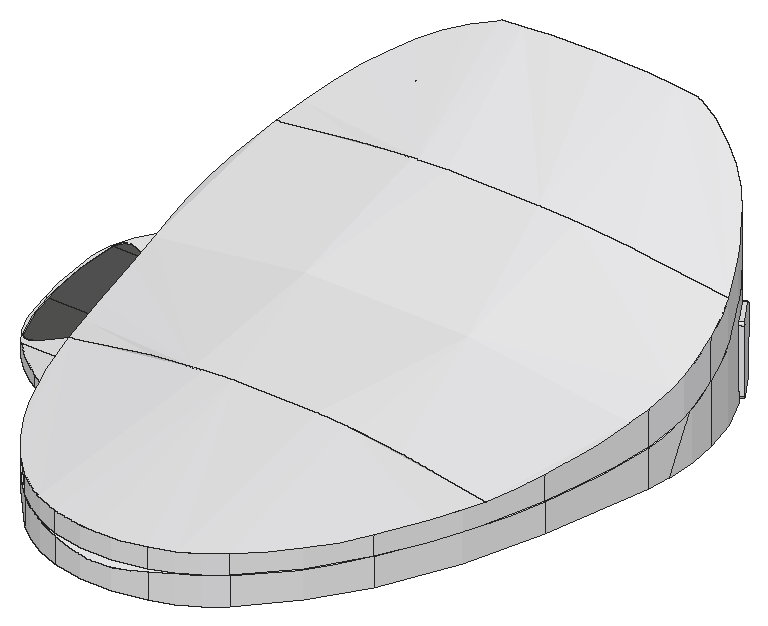
Revit family "Toilet_Seat-Elongated_Closed_Front-KOHLER-C3-130-K-4107T_1", category Plumbing Fixtures, host Face, Revit 2017
Family settings
  Host = Face
  Round Connector Dimension = Use Diameter
  Part Type = Normal
  OmniClass Number = 23.31.19.19.17
  OmniClass Title = Water Closet Seats
  Cut with Voids When Loaded = No
  Shared = No
  Room Calculation Point = No
Parameters (values of type "0-White")
  Width = 17 1/8"  # constant formula
  WaterSense Certified = 1 = 0  # no
  Waste Water Outlet = "Waste Water Outlet"  # constant formula
  Waste Connection = 1 = 0  # no
  Voltage = 240 V  # constant formula
  Vent Connection = 1 = 0  # no
  URL = "http://www.kohler.com.cn/"
  Type = 1
  Product Page URL = "https://www.kohler.com.cn/product/K-4107T-0/K-4107T-0/"
  Product Name = "C3-130"  # constant formula
  Product Documentation Link = "https://files.kohler.com.cn/pdfs/k_4107t.pdf"
  Pressure = 107.328 psi  # constant formula
  Model = "K-4107T-0"  # constant formula
  Material = "Plastic"  # constant formula
  Master Format 2014 Name = "Residential Water Closets"  # constant formula
  Master Format 2014 = "22 41 13.13"  # constant formula
  Manufacturer Address = "Kohler Beijing Office (100016) 36-2-03-B, No. 88, Liuxiang Road, Beijing"  # constant formula
  Manufacturer = "KOHLER Co."  # constant formula
  Length = 20 131/256"  # constant formula
  Hot Water Inlet = "Hot Water Inlet"  # constant formula
  Height = 6 11/32"  # constant formula
  HW Connection = 1 = 0  # no
  Flush Rate- LPF = "LPF"  # constant formula
  Flush Rate- GPF = "GPF"  # constant formula
  Flow Rate = 0 GPM
  Finish = Kohler-Plastic-0-White
  Environmental Product Declaration = ""
  Electrical Note = "One Dedicated Circuit Required "  # constant formula
  Electrical Connector = 1 = 1  # yes
  Description = "Qingshubao Smart Toilet Cover"  # constant formula
  Default Elevation = 0"
  Declare Label = ""
  Date Modified = "05/10/2021"  # constant formula
  Date Created = "05/10/2021"  # constant formula
  Copyright = "Copyright KOHLER Co."  # constant formula
  Contact Us = "http://www.kohler.com.cn/contact/contact-us/"
  Cold Water Inlet = "Cold Water Inlet"  # constant formula
  CW Connection = 1 = 1  # yes
  Assembly Code = "D2010100"
  Apparent Load = 10 A * Voltage  # 2400 VA
  ADA Compliant = 1 = 0  # no
Reference planes (in)
  plane 1 "Center (Front/Back)": y = 0
  plane 2: z = 0
  plane 3 "Center (Left/Right)": x = 0
  plane 4: x = 7.6875
  plane 5: x = -9.4375
  plane 6: y = -20.51172
  plane 7: z = 6.34375
  plane 8: z = 1.61934
  plane 9: z = 0.16265
  plane 10: through (-9.48483, -11.47038, 48) normal (-0.9525, 0.3046, 0)
  plane 11: through (-9.48483, -9.91959, 48) normal (-0.9252, 0.3795, 0)
  plane 12: z = 1.1855
  plane 13: x = -7.6875
Dimensions and locks (in)
  "Length": plane 6 to plane 1 "Center (Front/Back)"
  "Width": plane 5 to plane 4
  plane 1 "Center (Front/Back)" to plane 6 = 20 131/256"
  "Height": level to plane 7
  plane 9 to plane 7 = 6.1811"
  plane 9 to plane 8 = 1.45669"
  aligned and locked: plane 2 to host face
  aligned and locked: level to host face
  aligned and locked: plane 3 "Center (Left/Right)" to nested 1
  aligned and locked: plane 1 "Center (Front/Back)" to nested 1
Automatic sketch dimensions
  host sketch curve to host sketch curve = 96"  (x2)
Nested families (in)
  nested 1: "K-4107T" at (0, 0, 0), type "K-4107T"
  nested 2: "Light Source" at (-0.03242, -0.01433, 2.375), type "Light Source"
Connectors (in)
  piping at (-7.13166, -4.18342, 1.1855), diameter 0.375, driven by "Flow Rate", driven by "Pressure", driven by "CW Connection", driven by "Cold Water Inlet"
    settings: on nested 1, index 1, connector inside diameter 24", connector length 0", flow factor 0, pipe flow 0 GPM, pressure drop 107.328 psi, fitting loss kfactor 0, connector angle 0.00°, fixture units 0, engagement length 0", angle of deflection 0.00°, flow configuration 0, flow direction 1, fitting loss method 4, system type 20, joint type 0, gender type 0, connector reference index -1, connector utility 1, adjustable connector no, is connector primary yes, connector description "Cold Water Inlet"
  electrical at (-7.3376, -4.75583, 1.1855), driven by "Voltage", driven by "Electrical Connector", driven by "Electrical Note", driven by "Apparent Load"
    settings: on nested 1, index 2, voltage 240 V, apparent load 2400 VA, apparent load phase1 0 VA, apparent load phase2 0 VA, apparent load phase3 0 VA, power factor 1, load classification "Power", number of poles 1, system type 30, power factor state 1, is connector primary yes, connector utility yes, sub classification motor no, connector description "One Dedicated Circuit Required "
Definition of nested family "K-4107T"
  Parameters (values of type "K-4107T")
    Without side panel = no
    Side panel = yes
    Material = none
  Reference planes (in)
    plane 1 "Center (Front/Back)": y = 0
    plane 2: z = 0
    plane 3 "Center (Left/Right)": x = 0
    plane 4: x = 7.6875
    plane 5: x = -7.6875
    plane 6: x = -9.43848
    plane 7: z = 6.34252
    plane 8: z = 0.16142
    plane 9: z = 1.61811
    plane 10: y = -20.51181
    plane 11: through (-7.04593, -3.97446, 48) normal (0.9252, -0.3795, 0)
    plane 12: through (-7.24159, -4.4556, 48) normal (0.9525, -0.3046, 0)
    plane 13: z = 1.1855
  Forms (in)
    Extrusion 1, solid, material <- "Material", detail levels medium+fine
      sketch origin (0, 0, 0) x (1, 0, 0) y (0, 1, 0)
        loop
          arc (3.21811, -0.46301) -> (0, -0.01438) -> (-3.21811, -0.46301) r 11.76638
          arc (-3.21811, -0.46301) -> (-4.76648, -1.17358) -> (-6.02837, -2.31811) r 5.58153
          arc (-6.02837, -2.31811) -> (-6.95535, -3.77962) -> (-7.52246, -5.41477) r 7.49639
          arc (-7.52246, -5.41477) -> (-7.69326, -6.71655) -> (-7.63433, -8.02816) r 7.49639
          arc (-7.63433, -8.02816) -> (-7.37625, -9.73974) -> (-7.05989, -11.44151) r 50.69936
          arc (-7.05989, -11.44151) -> (-6.405, -13.86808) -> (-5.4516, -16.19363) r 20.04551
          arc (-5.4516, -16.19363) -> (-4.49347, -17.77758) -> (-3.26114, -19.15898) r 10.05231
          arc (-3.26114, -19.15898) -> (-2.42572, -19.77763) -> (-1.47313, -20.19384) r 4.61995
          arc (-1.47313, -20.19384) -> (0, -20.41586) -> (1.47313, -20.19384) r 4.99813
          arc (1.47313, -20.19384) -> (2.42572, -19.77763) -> (3.26114, -19.15898) r 4.61995
          arc (3.26114, -19.15898) -> (4.49347, -17.77758) -> (5.4516, -16.19363) r 10.05231
          arc (5.4516, -16.19363) -> (6.405, -13.86808) -> (7.05989, -11.44151) r 20.04551
          arc (7.05989, -11.44151) -> (7.37625, -9.73974) -> (7.63433, -8.02816) r 50.69936
          arc (7.63433, -8.02816) -> (7.69326, -6.71655) -> (7.52246, -5.41477) r 7.49639
          arc (7.52246, -5.41477) -> (6.95535, -3.77962) -> (6.02837, -2.31811) r 7.49639
          arc (6.02837, -2.31811) -> (4.76648, -1.17358) -> (3.21811, -0.46301) r 5.58153
      from 0.16142 to 7.18233
    Sweep 2, void
      path origin (0, 0, 0) x (0, 1, 0) y (0, 0, 1)
        loop
          arc (1.74565, 7.50838) -> (-1.32243, 5.77894) -> (-4.52538, 4.31428) r 41.74443
          arc (-4.52538, 4.31428) -> (-8.81367, 2.92226) -> (-13.25858, 2.16734) r 30.9836
          arc (-13.25858, 2.16734) -> (-17.79364, 1.70791) -> (-22.32331, 1.19816) r 410.64763
      profile origin (0, -13.25858, 2.16734) x (0, 0.095268, -0.995452) y (1, 0, 0)
        loop
          arc (0.9375, -8.5) -> (-0.25712, 0.01451) -> (0.9375, 8.52903) r 30.9405
          line (0.9375, 8.52903) -> (-7.66626, 8.52903) -> (-7.66626, -8.5) -> (0.9375, -8.5)
    Extrusion 3, void, detail levels medium+fine
      sketch origin (0, 0, 0) x (0, 1, 0) y (0, 0, 1)
        loop
          line (-20.49173, 1.05407) -> (-20.49173, 0.71365)
          arc (-20.49173, 0.71365) -> (-20.23088, 0.95214) -> (-19.88816, 1.03852) r 0.72311
          line (-19.88816, 1.03852) -> (-18.71042, 1.03852)
          arc (-18.71042, 1.03852) -> (-17.49482, 1.04049) -> (-16.27923, 1.04639) r 375.63314
          arc (-16.27923, 1.04639) -> (-14.89289, 1.05352) -> (-13.50654, 1.05699) r 523.6616
          arc (-13.50654, 1.05699) -> (-11.49299, 1.08519) -> (-9.48082, 1.16501) r 78.51973
          arc (-9.48082, 1.16501) -> (-8.26866, 1.28139) -> (-7.07109, 1.50204) r 14.08347
          arc (-7.07109, 1.50204) -> (-6.77673, 1.57318) -> (-6.48411, 1.65116) r 12.98825
          line (-6.48411, 1.65116) -> (-7.40766, -0.03784) -> (-7.37213, -0.03784) -> (-6.44214, 1.66294)
          arc (-6.44214, 1.66294) -> (-4.72017, 2.28366) -> (-3.10256, 3.14027) r 12.98825
          arc (-3.10256, 3.14027) -> (-2.23069, 3.70777) -> (-1.38156, 4.30878) r 26.72135
          arc (-1.38156, 4.30878) -> (-1.14448, 4.2177) -> (-0.89238, 4.24859) r 0.52488
          arc (-0.89238, 4.24859) -> (-0.34442, 4.35267) -> (0.20535, 4.25858) r 1.56975
          line (0.20535, 4.25858) -> (0.20535, 7.26834) -> (-0.43265, 7.26834) -> (-0.43265, 6.26402) -> (-0.74001, 6.02388)
          arc (-0.74001, 6.02388) -> (-0.66711, 5.44541) -> (-0.57657, 4.86943) r 19.0916
          arc (-0.57657, 4.86943) -> (-0.57225, 4.69665) -> (-0.61791, 4.52995) r 0.59331
          arc (-0.61791, 4.52995) -> (-0.97209, 4.24156) -> (-1.41296, 4.36096) r 0.5004
          arc (-1.41296, 4.36096) -> (-2.82336, 3.35624) -> (-4.3312, 2.50468) r 16.51938
          arc (-4.3312, 2.50468) -> (-6.65609, 1.62593) -> (-9.10945, 1.22798) r 12.41261
          arc (-9.10945, 1.22798) -> (-11.98075, 1.09756) -> (-14.85468, 1.05407) r 94.98598
          line (-14.85468, 1.05407) -> (-20.49173, 1.05407)
      from -7.77013 to 7.75302
    Extrusion 4, solid, material <- "Material", detail levels medium+fine
      sketch origin (0, 0, 0) x (0, 1, 0) y (0, 0, 1)
        loop
          line (-0.16582, 4.11715) -> (-0.34721, 4.90284)
          arc (-0.34721, 4.90284) -> (-0.48688, 5.20803) -> (-0.73542, 5.43359) r 0.8352
          line (-0.73542, 5.43359) -> (-0.73542, 4.11715) -> (-0.16582, 4.11715)
      from -3.01179 to 3.01179
    Extrusion 5, void
      sketch origin (0, -0.03125, 0) x (1, 0, 0) y (0, 1, 0)
        loop
          line (3.21811, -0.46301) -> (3.21811, 0.03699) -> (-3.09878, 0.03699) -> (-3.09878, -0.42983)
          arc (-3.09878, -0.42983) -> (-1.56294, -0.13194) -> (0, -0.06309) r 10.61202
          arc (0, -0.06309) -> (1.62442, -0.1394) -> (3.21811, -0.46301) r 10.61202
      from 3.90511 to 5.72495
    Extrusion 6, solid, material <- "Material", detail levels medium+fine
      sketch origin (0, 0, 0) x (0, 1, 0) y (0, 0, 1)
        loop
          line (-0.54322, 5.22193) -> (-0.88809, 5.06111) -> (-0.88809, 4.19155) -> (-0.24776, 4.19155) -> (-0.54322, 5.22193)
      from 3.01179 to 3.13401
    Extrusion 7, solid, material <- "Material", detail levels medium+fine
      sketch origin (0, 0, 0) x (0, 1, 0) y (0, 0, -1)
        loop
          line (-0.54322, -5.22193) -> (-0.24776, -4.19155) -> (-0.88809, -4.19155) -> (-0.88809, -5.06111) -> (-0.54322, -5.22193)
      from 3.01179 to 3.13401
    Extrusion 8, solid, material <- "Material"
      sketch origin (0, 0, 0) x (0, 1, 0) y (0, 0, 1)
        loop
          arc (-8.10861, 1.13089) -> (-9.43948, 0.95739) -> (-10.77935, 0.87941) r 18.77516
          arc (-10.77935, 0.87941) -> (-11.8877, 0.86934) -> (-12.99593, 0.88876) r 41.66374
          arc (-12.99593, 0.88876) -> (-13.79881, 0.93633) -> (-14.59771, 1.02931) r 14.18731
          line (-14.59771, 1.02931) -> (-14.59771, 0.7053) -> (-13.86937, 0.58994)
          arc (-13.86937, 0.58994) -> (-12.86766, 0.46162) -> (-11.8601, 0.39294) r 17.01978
          arc (-11.8601, 0.39294) -> (-10.9891, 0.37509) -> (-10.11801, 0.38842) r 24.33662
          arc (-10.11801, 0.38842) -> (-9.35234, 0.41616) -> (-8.58684, 0.44849) r 127.68557
          arc (-8.58684, 0.44849) -> (-7.7288, 0.57474) -> (-6.91345, 0.87035) r 4.30622
          line (-6.91345, 0.87035) -> (-6.4655, 1.67849)
          arc (-6.4655, 1.67849) -> (-7.26561, 1.34035) -> (-8.10861, 1.13089) r 5.56286
      from -9.63232 to -5.35433
    Extrusion 9, void
      sketch origin (0, 0, 0) x (1, 0, 0) y (0, 1, 0)
        loop
          line (-7.54489, -6.48776) -> (-7.54489, -6.15976) -> (-9.79489, -6.15976) -> (-9.79489, -14.78489) -> (-5.58547, -14.78489)
          arc (-5.58547, -14.78489) -> (-6.31548, -14.52388) -> (-6.98761, -14.13751) r 4.35334
          arc (-6.98761, -14.13751) -> (-7.68008, -13.59664) -> (-8.31235, -12.98649) r 8.41359
          arc (-8.31235, -12.98649) -> (-8.68567, -12.4981) -> (-8.95637, -11.94618) r 3.13107
          arc (-8.95637, -11.94618) -> (-9.3804, -10.34919) -> (-9.48483, -8.70017) r 8.43171
          arc (-9.48483, -8.70017) -> (-9.35205, -8.10768) -> (-9.01343, -7.60368) r 1.64545
          arc (-9.01343, -7.60368) -> (-8.31935, -6.99282) -> (-7.54489, -6.48776) r 6.43387
      from 0.25591 to 1.78504
    Extrusion 10, solid, material <- "Material", detail levels medium+fine
      sketch origin (0, 0, 0) x (1, 0, 0) y (0, 1, 0)
        loop
          line (-6.84045, -4.6016) -> (-7.24159, -4.4556) -> (-7.43361, -5.05606) -> (-7.05589, -5.19353) -> (-6.84045, -4.6016)
        loop
          line (-7.21738, -4.39238) -> (-6.8099, -4.54069) -> (-6.63845, -4.12277) -> (-7.04593, -3.97446) -> (-7.21738, -4.39238)
      from 0.97751 to 1.39349
    Extrusion 11, solid, material <- "Material", detail levels medium+fine
      sketch origin (0, 0, 0) x (0, 1, 0) y (0, 0, 1)
        loop
          arc (-1.2979, 4.73942) -> (-3.56552, 3.16493) -> (-6.10642, 2.08558) r 13.47548
          arc (-6.10642, 2.08558) -> (-9.2036, 1.39709) -> (-12.37103, 1.21299) r 19.76718
          arc (-12.37103, 1.21299) -> (-15.43707, 1.26604) -> (-18.50349, 1.28853) r 307.77215
          arc (-18.50349, 1.28853) -> (-19.1969, 1.28938) -> (-19.89031, 1.28867) r 307.77215
          line (-19.89031, 1.28867) -> (-19.89031, 0.91173) -> (-18.56185, 0.91173)
          arc (-18.56185, 0.91173) -> (-14.02488, 0.953) -> (-9.48942, 1.0768) r 249.40123
          arc (-9.48942, 1.0768) -> (-5.13825, 1.95608) -> (-1.2979, 4.1826) r 13.67664
          line (-1.2979, 4.1826) -> (-1.2979, 4.73942)
      from -7.44902 to 7.38839
    Extrusion 12, void
      sketch origin (0, 0, 0) x (1, 0, 0) y (0, 1, 0)
        loop
          arc (5.63988, -2.63286) -> (4.49102, -1.59086) -> (3.08136, -0.94395) r 5.08153
          arc (3.08136, -0.94395) -> (0, -0.51438) -> (-3.08136, -0.94395) r 11.26638
          arc (-3.08136, -0.94395) -> (-4.49102, -1.59086) -> (-5.63988, -2.63286) r 5.08153
          arc (-5.63988, -2.63286) -> (-6.50502, -3.9969) -> (-7.03431, -5.52298) r 6.99639
          arc (-7.03431, -5.52298) -> (-7.19372, -6.73793) -> (-7.13872, -7.96206) r 6.99639
          arc (-7.13872, -7.96206) -> (-6.88318, -9.65676) -> (-6.56995, -11.34175) r 50.19936
          arc (-6.56995, -11.34175) -> (-5.93139, -13.70779) -> (-5.00177, -15.97533) r 19.54551
          arc (-5.00177, -15.97533) -> (-4.93948, -16.10133) -> (-4.87534, -16.22639) r 9.55231
          arc (-4.87534, -16.22639) -> (0, -19.1806) -> (4.87534, -16.22639) r 5.5
          arc (4.87534, -16.22639) -> (4.93948, -16.10133) -> (5.00177, -15.97533) r 9.55231
          arc (5.00177, -15.97533) -> (5.93139, -13.70779) -> (6.56995, -11.34175) r 19.54551
          arc (6.56995, -11.34175) -> (6.88318, -9.65676) -> (7.13872, -7.96206) r 50.19936
          arc (7.13872, -7.96206) -> (7.19372, -6.73793) -> (7.03431, -5.52298) r 6.99639
          arc (7.03431, -5.52298) -> (6.50502, -3.9969) -> (5.63988, -2.63286) r 6.99639
        loop
          line (7.56728, -0.27809) -> (-7.55772, -0.27809) -> (-7.55772, -20.09059) -> (7.56728, -20.09059) -> (7.56728, -0.27809)
      from 0 to 12
    Extrusion 13, solid, material <- "Material", detail levels coarse
      sketch origin (0, 0, 0) x (1, 0, 0) y (0, 1, 0)
        loop
          arc (-3.21811, -0.46301) -> (-4.76648, -1.17358) -> (-6.02837, -2.31811) r 5.58153
          arc (-6.02837, -2.31811) -> (-6.95535, -3.77962) -> (-7.52246, -5.41477) r 7.49639
          arc (-7.52246, -5.41477) -> (-7.69326, -6.71655) -> (-7.63433, -8.02816) r 7.49639
          arc (-7.63433, -8.02816) -> (-7.37625, -9.73974) -> (-7.05989, -11.44151) r 50.69936
          arc (-7.05989, -11.44151) -> (-6.405, -13.86808) -> (-5.4516, -16.19363) r 20.04551
          arc (-5.4516, -16.19363) -> (-4.49347, -17.77758) -> (-3.26114, -19.15898) r 10.05231
          arc (-3.26114, -19.15898) -> (-2.42572, -19.77763) -> (-1.47313, -20.19384) r 4.61995
          arc (-1.47313, -20.19384) -> (0, -20.41586) -> (1.47313, -20.19384) r 4.99813
          arc (1.47313, -20.19384) -> (2.42572, -19.77763) -> (3.26114, -19.15898) r 4.61995
          arc (3.26114, -19.15898) -> (4.49347, -17.77758) -> (5.4516, -16.19363) r 10.05231
          arc (5.4516, -16.19363) -> (6.405, -13.86808) -> (7.05989, -11.44151) r 20.04551
          arc (7.05989, -11.44151) -> (7.37625, -9.73974) -> (7.63433, -8.02816) r 50.69936
          arc (7.63433, -8.02816) -> (7.69326, -6.71655) -> (7.52246, -5.41477) r 7.49639
          arc (7.52246, -5.41477) -> (6.95535, -3.77962) -> (6.02837, -2.31811) r 7.49639
          arc (6.02837, -2.31811) -> (4.76648, -1.17358) -> (3.21811, -0.46301) r 5.58153
          arc (3.21811, -0.46301) -> (0, -0.01438) -> (-3.21811, -0.46301) r 11.76638
      from 0 to 6.34881
    Extrusion 14, void
      sketch origin (0, 0, -0.03125) x (0, 1, 0) y (0, 0, 1)
        loop
          arc (-7.93442, 3.2589) -> (-5.08319, 4.24938) -> (-2.30259, 5.42364) r 46.27143
          arc (-2.30259, 5.42364) -> (-1.03658, 5.87517) -> (0.28966, 6.09375) r 7.50888
          line (0.28966, 6.09375) -> (0.28966, 6.79546) -> (-20.52284, 6.79546) -> (-20.52284, 1.67852)
          arc (-20.52284, 1.67852) -> (-17.1429, 1.94572) -> (-13.76053, 2.18026) r 351.19212
          arc (-13.76053, 2.18026) -> (-10.81544, 2.54655) -> (-7.93442, 3.2589) r 25.02584
      from -7.86471 to 7.80039
    Sweep 15, solid, material <- "Material", detail levels medium+fine
      path origin (0, 0, 0) x (1, 0, 0) y (0, 1, 0)
        loop
          arc (-4.40174, -10.71754) -> (-4.20686, -12.18243) -> (-3.88458, -13.62465) r 16.87687
          arc (-3.88458, -13.62465) -> (-3.27777, -15.35481) -> (-2.42349, -16.97713) r 12.4534
          arc (-2.42349, -16.97713) -> (-2.2042, -17.31782) -> (-1.97574, -17.65243) r 14.94199
          arc (-1.97574, -17.65243) -> (-1.80634, -17.8711) -> (-1.61734, -18.07308) r 2.97324
          arc (-1.61734, -18.07308) -> (-0.00986, -18.68485) -> (1.53649, -17.9318) r 2.16535
          arc (1.53649, -17.9318) -> (2.467, -16.62835) -> (3.15137, -15.18044) r 8.98693
          arc (3.15137, -15.18044) -> (3.42475, -14.42887) -> (3.69296, -13.67545) r 116.12064
          arc (3.69296, -13.67545) -> (4.08172, -12.24575) -> (4.25821, -10.77469) r 10.15055
          arc (4.25821, -10.77469) -> (4.1202, -9.45249) -> (3.59676, -8.23049) r 4.43755
          arc (3.59676, -8.23049) -> (3.23215, -7.76126) -> (2.77732, -7.37883) r 2.82073
          arc (2.77732, -7.37883) -> (2.03696, -6.96777) -> (1.23674, -6.69073) r 4.88546
          arc (1.23674, -6.69073) -> (0.60049, -6.5668) -> (-0.04542, -6.51237) r 5.98849
          arc (-0.04542, -6.51237) -> (-1.24587, -6.6287) -> (-2.37897, -7.04186) r 4.77891
          arc (-2.37897, -7.04186) -> (-3.10904, -7.53439) -> (-3.70459, -8.18316) r 3.76183
          arc (-3.70459, -8.18316) -> (-4.28172, -9.38748) -> (-4.40174, -10.71754) r 3.76183
      profile origin (-4.20686, -12.18243, 0) x (0.984543, 0.175142, 0) y (0, 0, 1)
        loop
          arc (-0.018, 0.00013) -> (-0.00055, 0.00902) -> (-0.00944, 0.02647) r 0.01385
          line (-0.00944, 0.02647) -> (-0.68553, 0.24614)
          arc (-0.68553, 0.24614) -> (-0.70297, 0.23725) -> (-0.69408, 0.2198) r 0.01385
          line (-0.69408, 0.2198) -> (-0.018, 0.00013)
    Extrusion 16, solid, material <- "Material", detail levels medium+fine
      sketch origin (0, 0, 0) x (1, 0, 0) y (0, 1, 0)
        loop
          line (4.99435, -10.82875) -> (6.71229, -10.46359)
          arc (6.71229, -10.46359) -> (6.73523, -10.45094) -> (6.74727, -10.42767) r 0.0451
          line (6.74727, -10.42767) -> (6.86329, -9.80049)
          arc (6.86329, -9.80049) -> (6.83842, -9.72983) -> (6.76485, -9.7157) r 0.07521
          line (6.76485, -9.7157) -> (4.98716, -10.32781)
          arc (4.98716, -10.32781) -> (4.94437, -10.35832) -> (4.92511, -10.40722) r 0.09251
          line (4.92511, -10.40722) -> (4.89586, -10.74161)
          arc (4.89586, -10.74161) -> (4.92314, -10.81) -> (4.99435, -10.82875) r 0.0818
        loop
          arc (-4.99435, -10.82875) -> (-4.92314, -10.81) -> (-4.89586, -10.74161) r 0.0818
          line (-4.89586, -10.74161) -> (-4.92511, -10.40722)
          arc (-4.92511, -10.40722) -> (-4.94437, -10.35832) -> (-4.98716, -10.32781) r 0.09251
          line (-4.98716, -10.32781) -> (-6.76485, -9.7157)
          arc (-6.76485, -9.7157) -> (-6.83842, -9.72983) -> (-6.86329, -9.80049) r 0.07521
          line (-6.86329, -9.80049) -> (-6.74727, -10.42767)
          arc (-6.74727, -10.42767) -> (-6.73523, -10.45094) -> (-6.71229, -10.46359) r 0.0451
          line (-6.71229, -10.46359) -> (-4.99435, -10.82875)
        loop
          arc (3.14531, -16.8949) -> (3.10765, -16.88205) -> (3.07446, -16.90401) r 0.04512
          line (3.07446, -16.90401) -> (2.75454, -17.45053)
          arc (2.75454, -17.45053) -> (2.74118, -17.50511) -> (2.75986, -17.5581) r 0.09842
          line (2.75986, -17.5581) -> (3.33537, -18.35023)
          arc (3.33537, -18.35023) -> (3.40852, -18.38871) -> (3.48357, -18.35411) r 0.09343
          line (3.48357, -18.35411) -> (3.93131, -17.80119)
          arc (3.93131, -17.80119) -> (3.95235, -17.73645) -> (3.92466, -17.67425) r 0.09499
          line (3.92466, -17.67425) -> (3.14531, -16.8949)
        loop
          line (-3.14531, -16.8949) -> (-3.92466, -17.67425)
          arc (-3.92466, -17.67425) -> (-3.95235, -17.73645) -> (-3.93131, -17.80119) r 0.09499
          line (-3.93131, -17.80119) -> (-3.48357, -18.35411)
          arc (-3.48357, -18.35411) -> (-3.40852, -18.38871) -> (-3.33537, -18.35023) r 0.09343
          line (-3.33537, -18.35023) -> (-2.75986, -17.5581)
          arc (-2.75986, -17.5581) -> (-2.74118, -17.50511) -> (-2.75454, -17.45053) r 0.09842
          line (-2.75454, -17.45053) -> (-3.07446, -16.90401)
          arc (-3.07446, -16.90401) -> (-3.10765, -16.88205) -> (-3.14531, -16.8949) r 0.04512
      from 0.0398 to 0.39491
    Extrusion 17, solid, material <- "Material", detail levels medium+fine
      sketch origin (-0.41758, -4.10291, 0) x (-0.559193, 0.829038, 0) y (0, 0, 1)
        loop
          line (-2.40757, 2.55906) -> (-3.44255, 2.55906)
          arc (-3.44255, 2.55906) -> (-3.48997, 2.53941) -> (-3.50961, 2.492) r 0.06706
          line (-3.50961, 2.492) -> (-3.50961, 0.48882)
          arc (-3.50961, 0.48882) -> (-3.49328, 0.4494) -> (-3.45385, 0.43307) r 0.05575
          line (-3.45385, 0.43307) -> (-2.40526, 0.43307)
          arc (-2.40526, 0.43307) -> (-2.35443, 0.45413) -> (-2.33337, 0.50495) r 0.07188
          line (-2.33337, 0.50495) -> (-2.33337, 2.48485)
          arc (-2.33337, 2.48485) -> (-2.35511, 2.53732) -> (-2.40757, 2.55906) r 0.0742
        loop
          line (-3.32258, 2.31617) -> (-3.32258, 2.20398) -> (-2.50293, 2.20398) -> (-2.50293, 2.31617) -> (-3.32258, 2.31617)
        loop
          line (-3.32258, 2.09964) -> (-3.32258, 1.98745) -> (-2.50293, 1.98745) -> (-2.50293, 2.09964) -> (-3.32258, 2.09964)
        loop
          line (-3.32258, 1.8831) -> (-3.32258, 1.77091) -> (-2.50293, 1.77091) -> (-2.50293, 1.8831) -> (-3.32258, 1.8831)
        loop
          line (-3.32258, 1.66656) -> (-3.32258, 1.55437) -> (-2.50293, 1.55437) -> (-2.50293, 1.66656) -> (-3.32258, 1.66656)
        loop
          line (-3.32258, 1.45003) -> (-3.32258, 1.33784) -> (-2.50293, 1.33784) -> (-2.50293, 1.45003) -> (-3.32258, 1.45003)
        loop
          line (-3.32258, 1.23349) -> (-3.32258, 1.1213) -> (-2.50293, 1.1213) -> (-2.50293, 1.23349) -> (-3.32258, 1.23349)
        loop
          line (-3.32258, 1.01696) -> (-3.32258, 0.90477) -> (-2.50293, 0.90477) -> (-2.50293, 1.01696) -> (-3.32258, 1.01696)
        loop
          line (-3.32258, 0.80042) -> (-3.32258, 0.68823) -> (-2.50293, 0.68823) -> (-2.50293, 0.80042) -> (-3.32258, 0.80042)
      from 4.31493 to 6.51205
    Extrusion 18, solid
      sketch origin (0, 0, 0) x (1, 0, 0) y (0, 1, 0)
        loop
          arc (-8.76425, -7.85171) -> (-9.11385, -7.86626) -> (-9.31379, -8.15342) r 0.3937
          arc (-9.31379, -8.15342) -> (-9.28843, -10.44014) -> (-8.55003, -12.60452) r 7.22883
          arc (-8.55003, -12.60452) -> (-8.32329, -12.75485) -> (-8.07377, -12.64644) r 0.28494
          line (-8.07377, -12.64644) -> (-7.33933, -11.7064)
          arc (-7.33933, -11.7064) -> (-7.20446, -11.42401) -> (-7.20124, -11.11108) r 0.72464
          arc (-7.20124, -11.11108) -> (-7.44673, -9.91071) -> (-7.67868, -8.70765) r 108.7247
          arc (-7.67868, -8.70765) -> (-7.8347, -8.36439) -> (-8.13241, -8.13303) r 0.7874
          line (-8.13241, -8.13303) -> (-8.76425, -7.85171)
      from 0.70844 to 1.29329
    Extrusion 19, void
      sketch origin (0, 0, 0) x (0, 1, 0) y (0, 0, 1)
        loop
          arc (-8.10861, 1.13089) -> (-7.26561, 1.34035) -> (-6.4655, 1.67849) r 5.56286
          line (-6.4655, 1.67849) -> (-6.4655, 2.25712) -> (-14.59771, 1.83093) -> (-14.59771, 1.02931)
          arc (-14.59771, 1.02931) -> (-13.79881, 0.93633) -> (-12.99593, 0.88876) r 14.18731
          arc (-12.99593, 0.88876) -> (-11.8877, 0.86934) -> (-10.77935, 0.87941) r 41.66374
          arc (-10.77935, 0.87941) -> (-9.43948, 0.95739) -> (-8.10861, 1.13089) r 18.77516
      from -9.83016 to -6.84045
    Extrusion 20, void
      sketch origin (0, 0, 0) x (1, 0, 0) y (0, 1, 0)
        loop
          arc (-8.76425, -7.85171) -> (-9.11385, -7.86626) -> (-9.31379, -8.15342) r 0.3937
          arc (-9.31379, -8.15342) -> (-9.28843, -10.44014) -> (-8.55003, -12.60452) r 7.22883
          arc (-8.55003, -12.60452) -> (-8.32329, -12.75485) -> (-8.07377, -12.64644) r 0.28494
          line (-8.07377, -12.64644) -> (-7.33933, -11.7064)
          arc (-7.33933, -11.7064) -> (-7.20446, -11.42401) -> (-7.20124, -11.11108) r 0.72464
          arc (-7.20124, -11.11108) -> (-7.44673, -9.91071) -> (-7.67868, -8.70765) r 108.7247
          arc (-7.67868, -8.70765) -> (-7.8347, -8.36439) -> (-8.13241, -8.13303) r 0.7874
          line (-8.13241, -8.13303) -> (-8.76425, -7.85171)
      from 0.70844 to 1.77091
  Cuts and joins
    Sweep 2, Extrusion 3 cuts Extrusion 1
    Extrusion 5 cuts Extrusion 4
    joined: Extrusion 1, Extrusion 4, Extrusion 6, Extrusion 7, Extrusion 17
    Extrusion 9, Extrusion 20 cuts Extrusion 8
    Extrusion 12 cuts Extrusion 11
    Extrusion 14 cuts Extrusion 13
    Extrusion 19 cuts Extrusion 18
  Lines and regions (in)
    Masking region 1
      outline origin (0, 0, 0) x (1, 0, 0) y (0, 1, 0)
        loop
          arc (-6.02837, -2.31811) -> (-6.95535, -3.77962) -> (-7.52246, -5.41477) r 7.49639
          arc (-7.52246, -5.41477) -> (-7.62637, -5.98819) -> (-7.68542, -6.56795) r 7.49639
          arc (-7.68542, -6.56795) -> (-8.36884, -7.06092) -> (-9.01329, -7.60383) r 11.20889
          arc (-9.01329, -7.60383) -> (-9.30378, -7.99646) -> (-9.42212, -8.47031) r 1.25313
          arc (-9.42212, -8.47031) -> (-9.4393, -9.29405) -> (-9.41079, -10.11748) r 14.85527
          arc (-9.41079, -10.11748) -> (-9.2358, -11.04481) -> (-8.95637, -11.94618) r 8.27461
          arc (-8.95637, -11.94618) -> (-8.68567, -12.4981) -> (-8.31235, -12.98649) r 3.13107
          arc (-8.31235, -12.98649) -> (-7.68008, -13.59664) -> (-6.98761, -14.13751) r 8.41359
          line (-6.98761, -14.13751) -> (-6.07943, -14.77343)
          arc (-6.07943, -14.77343) -> (-5.78211, -15.48895) -> (-5.45736, -16.19245) r 20.04551
          arc (-5.45736, -16.19245) -> (-4.39199, -17.91891) -> (-3.00167, -19.39631) r 10.05231
          arc (-3.00167, -19.39631) -> (-0.00576, -20.51488) -> (2.99015, -19.39631) r 4.57132
          arc (2.99015, -19.39631) -> (4.38047, -17.91891) -> (5.44584, -16.19245) r 10.05231
          arc (5.44584, -16.19245) -> (6.39924, -13.8669) -> (7.05414, -11.44033) r 20.04551
          arc (7.05414, -11.44033) -> (7.37049, -9.73856) -> (7.62857, -8.02698) r 50.69936
          arc (7.62857, -8.02698) -> (7.6875, -6.71537) -> (7.5167, -5.41359) r 7.49639
          arc (7.5167, -5.41359) -> (7.22234, -4.41793) -> (6.79324, -3.4725) r 7.49639
          line (6.79324, -3.4725) -> (6.9437, -3.37101) -> (6.28596, -2.39586) -> (6.1545, -2.48453)
          arc (6.1545, -2.48453) -> (6.08915, -2.40026) -> (6.02261, -2.31692) r 7.49639
          arc (6.02261, -2.31692) -> (4.72672, -1.15013) -> (3.13401, -0.44017) r 5.58153
          line (3.13401, -0.44017) -> (3.13401, -0.24776) -> (3.01179, -0.24776) -> (3.01179, -0.40637)
          arc (3.01179, -0.40637) -> (0, -0.01438) -> (-3.01179, -0.40637) r 11.76638
          line (-3.01179, -0.40637) -> (-3.01179, -0.24776) -> (-3.13401, -0.24776) -> (-3.13401, -0.43981)
          arc (-3.13401, -0.43981) -> (-4.72997, -1.14969) -> (-6.02837, -2.31811) r 5.58153
    Masking region 2
      outline origin (0, 0, 0) x (0, 1, 0) y (0, 0, 1)
        loop
          line (0, 0.16142) -> (0, 4.31763)
          arc (0, 4.31763) -> (-0.11033, 4.33446) -> (-0.22034, 4.3533) r 6.09857
          line (-0.22034, 4.3533) -> (-0.34721, 4.90284)
          arc (-0.34721, 4.90284) -> (-0.46041, 5.16964) -> (-0.65798, 5.38169) r 0.8352
          arc (-0.65798, 5.38169) -> (-0.70172, 5.70243) -> (-0.74001, 6.02388) r 19.0916
          line (-0.74001, 6.02388) -> (-0.66102, 6.0856)
          arc (-0.66102, 6.0856) -> (-0.62814, 6.27846) -> (-0.8171, 6.32917) r 0.14528
          arc (-0.8171, 6.32917) -> (-1.61832, 5.92193) -> (-2.42461, 5.52481) r 71.31038
          arc (-2.42461, 5.52481) -> (-7.68413, 3.51324) -> (-13.21042, 2.43203) r 32.76183
          arc (-13.21042, 2.43203) -> (-16.77103, 2.03633) -> (-20.32876, 1.61558) r 509.12036
          arc (-20.32876, 1.61558) -> (-20.40667, 1.57466) -> (-20.43787, 1.49237) r 0.12412
          line (-20.43787, 1.49237) -> (-20.43787, 1.05407) -> (-20.15305, 1.05407)
          arc (-20.15305, 1.05407) -> (-20.34202, 0.97032) -> (-20.4375, 0.78701) r 0.3128
          line (-20.4375, 0.78701) -> (-20.51062, 0.28097)
          arc (-20.51062, 0.28097) -> (-20.48617, 0.19754) -> (-20.4071, 0.16142) r 0.10459
          line (-20.4071, 0.16142) -> (-19.348, 0.16142) -> (-18.82003, 0) -> (-6.49442, 0) -> (-5.99763, 0.16142) -> (0, 0.16142)
    Masking region 3
      outline origin (0, 0, 0) x (1, 0, 0) y (0, 0, 1)
        loop
          line (-7.6875, 2.67163) -> (-7.6875, 1.64611) -> (-8.98654, 1.26244)
          arc (-8.98654, 1.26244) -> (-9.15161, 1.20835) -> (-9.3132, 1.14462) r 2.94578
          arc (-9.3132, 1.14462) -> (-9.38742, 1.09483) -> (-9.43848, 1.02149) r 0.24189
          line (-9.43848, 1.02149) -> (-9.43848, 0.43658)
          arc (-9.43848, 0.43658) -> (-9.38198, 0.40506) -> (-9.31946, 0.38842) r 0.26058
          arc (-9.31946, 0.38842) -> (-9.22031, 0.37831) -> (-9.1207, 0.37494) r 1.47116
          line (-9.1207, 0.37494) -> (-7.6875, 0.37494) -> (-7.6875, 0.16142) -> (-6.86454, 0.16142) -> (-6.86454, 0.0398) -> (-4.89586, 0.0398) -> (-4.89586, 0.16142) -> (-4.43299, 0) -> (4.28082, 0) -> (4.77761, 0.16142) -> (4.89586, 0.16142) -> (4.89586, 0.0398) -> (6.86329, 0.0398) -> (6.86329, 0.16142) -> (7.6875, 0.16142) -> (7.6875, 2.67163)
          arc (7.6875, 2.67163) -> (7.65569, 2.93059) -> (7.56217, 3.17416) r 1.07011
          arc (7.56217, 3.17416) -> (7.20945, 3.73418) -> (6.77879, 4.23674) r 4.52348
          arc (6.77879, 4.23674) -> (6.33291, 4.65359) -> (5.85719, 5.03604) r 8.18213
          arc (5.85719, 5.03604) -> (4.60414, 5.74424) -> (3.21452, 6.11925) r 5.7534
          arc (3.21452, 6.11925) -> (-0.06282, 6.34247) -> (-3.33916, 6.10503) r 23.42475
          arc (-3.33916, 6.10503) -> (-4.72332, 5.71703) -> (-5.96008, 4.98432) r 5.51181
          arc (-5.96008, 4.98432) -> (-6.12494, 4.85086) -> (-6.28575, 4.71253) r 7.10604
          arc (-6.28575, 4.71253) -> (-6.95672, 4.0254) -> (-7.52219, 3.24913) r 6.67791
          arc (-7.52219, 3.24913) -> (-7.64536, 2.97198) -> (-7.6875, 2.67163) r 1.09138
    symbolic lines, detail levels medium+fine
      curve 1: line (-3.13401, -0.43981, 0) -> (-3.01403, -0.40771, 0)
      curve 2: line (3.01179, -0.40637, 0) -> (3.13401, -0.43981, 0)
      curve 3: line (0, -14.85468, 1.05407) -> (0, -20.15305, 1.05407)
      curve 4: arc (0, -9.37982, 1.17067) -> (0, -12.11663, 1.08322) -> (0, -14.85468, 1.05407) r 128.58609
      curve 5: arc (0, -5.94596, 1.83858) -> (0, -7.63787, 1.37603) -> (0, -9.37982, 1.17067) r 11.74198
      curve 6: arc (0, -1.86888, 4.01146) -> (0, -3.82686, 2.77386) -> (0, -5.94596, 1.83858) r 15.66176
      curve 7: arc (0, -1.41296, 4.36096) -> (0, -1.63949, 4.18435) -> (0, -1.86888, 4.01146) r 17.58639
      curve 8: arc (0, -0.61791, 4.52995) -> (0, -0.97209, 4.24156) -> (0, -1.41296, 4.36096) r 0.5004
      curve 9: arc (0, -0.57657, 4.86943) -> (0, -0.57225, 4.69665) -> (0, -0.61791, 4.52995) r 0.59331
      curve 10: arc (0, -0.65798, 5.38169) -> (0, -0.61902, 5.12528) -> (0, -0.57657, 4.86943) r 19.0916
      curve 11: arc (0, -0.89238, 4.24859) -> (0, -0.53771, 4.33895) -> (0, -0.17177, 4.34473) r 1.56975
      curve 12: arc (0, -1.41296, 4.36096) -> (0, -1.1694, 4.22726) -> (0, -0.89238, 4.24859) r 0.48672
      curve 13: line (0, -6.47061, 1.67584) -> (0, -7.2987, 0.16142)
      curve 14: line (0, -7.26318, 0.16142) -> (0, -6.44214, 1.66294)
      curve 15: arc (0, -8.58684, 0.44849) -> (0, -7.72704, 0.57518) -> (0, -6.9102, 0.87192) r 4.30622
      curve 16: arc (0, -10.11801, 0.38842) -> (0, -9.35234, 0.41616) -> (0, -8.58684, 0.44849) r 127.68557
      curve 17: arc (0, -11.8601, 0.39294) -> (0, -10.9891, 0.37509) -> (0, -10.11801, 0.38842) r 24.33662
      curve 18: arc (0, -13.86937, 0.58994) -> (0, -12.86766, 0.46162) -> (0, -11.8601, 0.39294) r 17.01978
      curve 19: line (0, -14.59771, 0.7053) -> (0, -13.86937, 0.58994)
      curve 20: line (0, -14.76165, 1.0541) -> (0, -14.59771, 0.7053)
      curve 21: arc (0, -12.99593, 0.88876) -> (0, -13.88137, 0.94382) -> (0, -14.76165, 1.0541) r 14.18731
      curve 22: arc (0, -10.77935, 0.87941) -> (0, -11.8877, 0.86934) -> (0, -12.99593, 0.88876) r 41.66374
      curve 23: arc (0, -8.10861, 1.13089) -> (0, -9.43948, 0.95739) -> (0, -10.77935, 0.87941) r 18.77516
      curve 24: arc (0, -6.47061, 1.67584) -> (0, -7.26834, 1.33944) -> (0, -8.10861, 1.13089) r 5.56286
      curve 25: spline (-9.1965, 0, 0.87941) -> (-9.17643, 0, 0.87752) -> (-9.15553, 0, 0.87581) -> (-9.13382, 0, 0.8743) -> (-9.11128, 0, 0.87297) -> (-9.08794, 0, 0.87183) -> (-9.06378, 0, 0.87087) -> (-9.0388, 0, 0.87011) -> (-9.01302, 0, 0.86953) -> (-8.98644, 0, 0.86914) -> (-8.95904, 0, 0.86895) -> (-8.93085, 0, 0.86893) -> (-8.90186, 0, 0.86911)
      curve 26: spline (-8.90186, 0, 0.86912) -> (-8.85009, 0, 0.86977) -> (-8.79096, 0, 0.87083) -> (-8.72463, 0, 0.87229) -> (-8.65127, 0, 0.87416) -> (-8.57106, 0, 0.87642) -> (-8.48421, 0, 0.87907) -> (-8.39096, 0, 0.88211) -> (-8.29153, 0, 0.88553) -> (-8.18619, 0, 0.88931) -> (-8.07522, 0, 0.89345) -> (-7.95888, 0, 0.89794) -> (-7.8375, 0, 0.90277)
      curve 27: spline (-7.8375, 0, 0.90277) -> (-7.76319, 0, 0.90622) -> (-7.68841, 0, 0.9099) -> (-7.61319, 0, 0.9138) -> (-7.53751, 0, 0.91793) -> (-7.4614, 0, 0.92229) -> (-7.38484, 0, 0.92688) -> (-7.30785, 0, 0.93169) -> (-7.23042, 0, 0.93673) -> (-7.15257, 0, 0.942) -> (-7.07431, 0, 0.94749) -> (-6.99562, 0, 0.95321) -> (-6.91653, 0, 0.95915)
      curve 28: spline (-6.91653, 0, 0.95915) -> (-6.82917, 0, 0.96569) -> (-6.74182, 0, 0.97249) -> (-6.65449, 0, 0.97956) -> (-6.56717, 0, 0.98691) -> (-6.47987, 0, 0.99452) -> (-6.39259, 0, 1.0024) -> (-6.30532, 0, 1.01054) -> (-6.21806, 0, 1.01896) -> (-6.13083, 0, 1.02764) -> (-6.04361, 0, 1.03659) -> (-5.95642, 0, 1.04581) -> (-5.86924, 0, 1.05529)
      curve 29: spline (-7.41928, 0, 1.16505) -> (-7.44444, 0, 1.17411) -> (-7.46909, 0, 1.1849) -> (-7.49325, 0, 1.19744) -> (-7.5169, 0, 1.21172) -> (-7.54004, 0, 1.22774) -> (-7.56266, 0, 1.24549) -> (-7.58477, 0, 1.26497) -> (-7.60637, 0, 1.28619) -> (-7.62744, 0, 1.30913) -> (-7.64799, 0, 1.3338) -> (-7.66801, 0, 1.36019) -> (-7.6875, 0, 1.3883)
      curve 30: spline (-7.06728, 0, 1.08759) -> (-7.09946, 0, 1.09222) -> (-7.13113, 0, 1.09718) -> (-7.16228, 0, 1.10248) -> (-7.19291, 0, 1.1081) -> (-7.22302, 0, 1.11406) -> (-7.25262, 0, 1.12035) -> (-7.28169, 0, 1.12697) -> (-7.31025, 0, 1.13393) -> (-7.33829, 0, 1.14121) -> (-7.3658, 0, 1.14883) -> (-7.3928, 0, 1.15677) -> (-7.41928, 0, 1.16505)
      curve 31: spline (-6.52873, 0, 1.05701) -> (-6.58214, 0, 1.05741) -> (-6.63402, 0, 1.05821) -> (-6.68435, 0, 1.05939) -> (-6.73314, 0, 1.06097) -> (-6.78037, 0, 1.06293) -> (-6.82605, 0, 1.06528) -> (-6.87018, 0, 1.06803) -> (-6.91274, 0, 1.07116) -> (-6.95373, 0, 1.07469) -> (-6.99315, 0, 1.0786) -> (-7.03101, 0, 1.0829) -> (-7.06728, 0, 1.08759)
      curve 32: spline (-5.47476, 0, 1.04724) -> (-5.57695, 0, 1.04854) -> (-5.67657, 0, 1.04976) -> (-5.77361, 0, 1.05089) -> (-5.86806, 0, 1.05193) -> (-5.9599, 0, 1.05288) -> (-6.04912, 0, 1.05374) -> (-6.1357, 0, 1.05451) -> (-6.21964, 0, 1.05519) -> (-6.30093, 0, 1.05578) -> (-6.37955, 0, 1.05628) -> (-6.45548, 0, 1.05669) -> (-6.52873, 0, 1.05701)
      curve 33: spline (0, 0, 1.05777) -> (-0.58615, 0, 1.05286) -> (-1.1556, 0, 1.04864) -> (-1.70608, 0, 1.04515) -> (-2.23537, 0, 1.04238) -> (-2.74137, 0, 1.04036) -> (-3.22205, 0, 1.03908) -> (-3.67549, 0, 1.03856) -> (-4.09987, 0, 1.0388) -> (-4.49349, 0, 1.03979) -> (-4.85479, 0, 1.04153) -> (-5.18232, 0, 1.04402) -> (-5.47476, 0, 1.04724)
      curve 34: spline (-7.06114, 0, 1.66407) -> (-7.11824, 0, 1.69526) -> (-7.17367, 0, 1.72944) -> (-7.22741, 0, 1.76662) -> (-7.27946, 0, 1.80678) -> (-7.32983, 0, 1.84992) -> (-7.37848, 0, 1.89604) -> (-7.42543, 0, 1.94512) -> (-7.47067, 0, 1.99716) -> (-7.51418, 0, 2.05216) -> (-7.55596, 0, 2.1101) -> (-7.59602, 0, 2.17099) -> (-7.63433, 0, 2.2348)
      curve 35: spline (-6.61376, 0, 1.54523) -> (-6.65732, 0, 1.54993) -> (-6.69975, 0, 1.55558) -> (-6.74105, 0, 1.56217) -> (-6.78121, 0, 1.56972) -> (-6.82023, 0, 1.57821) -> (-6.85811, 0, 1.58765) -> (-6.89484, 0, 1.59803) -> (-6.93042, 0, 1.60935) -> (-6.96484, 0, 1.62162) -> (-6.9981, 0, 1.63483) -> (-7.03021, 0, 1.64898) -> (-7.06114, 0, 1.66407)
      curve 36: spline (-5.45155, 0, 1.51586) -> (-5.56642, 0, 1.51404) -> (-5.67809, 0, 1.513) -> (-5.78651, 0, 1.51274) -> (-5.89169, 0, 1.51325) -> (-5.99359, 0, 1.51454) -> (-6.0922, 0, 1.5166) -> (-6.1875, 0, 1.51944) -> (-6.27948, 0, 1.52305) -> (-6.3681, 0, 1.52744) -> (-6.45337, 0, 1.53259) -> (-6.53526, 0, 1.53852) -> (-6.61376, 0, 1.54523)
      curve 37: spline (-4.23707, 0, 1.56834) -> (-4.35451, 0, 1.56296) -> (-4.46913, 0, 1.55775) -> (-4.58088, 0, 1.55272) -> (-4.68973, 0, 1.54787) -> (-4.79564, 0, 1.54321) -> (-4.89856, 0, 1.53874) -> (-4.99847, 0, 1.53445) -> (-5.09533, 0, 1.53034) -> (-5.1891, 0, 1.52643) -> (-5.27974, 0, 1.52271) -> (-5.36724, 0, 1.51919) -> (-5.45155, 0, 1.51586)
      curve 38: arc (-7.63433, 0, 2.2348) -> (-7.67738, 0, 2.45121) -> (-7.6875, 0, 2.67163) r 1.46753
      curve 39: spline (-7.05204, 0, 0.6013) -> (-7.13872, 0, 0.59116) -> (-7.22489, 0, 0.58118) -> (-7.31054, 0, 0.57136) -> (-7.39565, 0, 0.56169) -> (-7.48023, 0, 0.55219) -> (-7.56426, 0, 0.54284) -> (-7.64775, 0, 0.53366) -> (-7.73068, 0, 0.52464) -> (-7.81305, 0, 0.51578) -> (-7.89485, 0, 0.50708) -> (-7.97607, 0, 0.49855) -> (-8.05672, 0, 0.49018)
      curve 40: line (-6.11431, 0, 0.7053) -> (-7.05204, 0, 0.6013)
      curve 41: line (-5.86924, 0, 1.05529) -> (-6.11431, 0, 0.7053)
      curve 42: spline (-8.05672, 0, 0.49018) -> (-8.174, 0, 0.47795) -> (-8.2851, 0, 0.4661) -> (-8.38971, 0, 0.45466) -> (-8.48753, 0, 0.44365) -> (-8.57827, 0, 0.43312) -> (-8.66168, 0, 0.42309) -> (-8.73753, 0, 0.41359) -> (-8.80559, 0, 0.40465) -> (-8.86567, 0, 0.39629) -> (-8.91761, 0, 0.38854) -> (-8.96124, 0, 0.38141) -> (-8.99646, 0, 0.37494)
      curve 43: spline (7.41928, 0, 1.16505) -> (7.44444, 0, 1.17411) -> (7.46909, 0, 1.1849) -> (7.49325, 0, 1.19744) -> (7.5169, 0, 1.21172) -> (7.54004, 0, 1.22774) -> (7.56266, 0, 1.24549) -> (7.58477, 0, 1.26497) -> (7.60637, 0, 1.28619) -> (7.62744, 0, 1.30913) -> (7.64799, 0, 1.3338) -> (7.66801, 0, 1.36019) -> (7.6875, 0, 1.3883)
      curve 44: spline (7.06728, 0, 1.08759) -> (7.09946, 0, 1.09222) -> (7.13113, 0, 1.09718) -> (7.16228, 0, 1.10248) -> (7.19291, 0, 1.1081) -> (7.22302, 0, 1.11406) -> (7.25262, 0, 1.12035) -> (7.28169, 0, 1.12697) -> (7.31025, 0, 1.13393) -> (7.33829, 0, 1.14121) -> (7.3658, 0, 1.14883) -> (7.3928, 0, 1.15677) -> (7.41928, 0, 1.16505)
      curve 45: spline (6.52873, 0, 1.05701) -> (6.58214, 0, 1.05741) -> (6.63402, 0, 1.05821) -> (6.68435, 0, 1.05939) -> (6.73314, 0, 1.06097) -> (6.78037, 0, 1.06293) -> (6.82605, 0, 1.06528) -> (6.87018, 0, 1.06803) -> (6.91274, 0, 1.07116) -> (6.95373, 0, 1.07469) -> (6.99315, 0, 1.0786) -> (7.03101, 0, 1.0829) -> (7.06728, 0, 1.08759)
      curve 46: spline (5.47476, 0, 1.04724) -> (5.57695, 0, 1.04854) -> (5.67657, 0, 1.04976) -> (5.77361, 0, 1.05089) -> (5.86806, 0, 1.05193) -> (5.9599, 0, 1.05288) -> (6.04912, 0, 1.05374) -> (6.1357, 0, 1.05451) -> (6.21964, 0, 1.05519) -> (6.30093, 0, 1.05578) -> (6.37955, 0, 1.05628) -> (6.45548, 0, 1.05669) -> (6.52873, 0, 1.05701)
      curve 47: spline (0, 0, 1.05777) -> (0.58615, 0, 1.05286) -> (1.1556, 0, 1.04864) -> (1.70608, 0, 1.04515) -> (2.23537, 0, 1.04238) -> (2.74137, 0, 1.04036) -> (3.22205, 0, 1.03908) -> (3.67549, 0, 1.03856) -> (4.09987, 0, 1.0388) -> (4.49349, 0, 1.03979) -> (4.85479, 0, 1.04153) -> (5.18232, 0, 1.04402) -> (5.47476, 0, 1.04724)
      curve 48: spline (7.06114, 0, 1.66407) -> (7.11824, 0, 1.69526) -> (7.17367, 0, 1.72944) -> (7.22741, 0, 1.76662) -> (7.27946, 0, 1.80678) -> (7.32983, 0, 1.84992) -> (7.37848, 0, 1.89604) -> (7.42543, 0, 1.94512) -> (7.47067, 0, 1.99716) -> (7.51418, 0, 2.05216) -> (7.55596, 0, 2.1101) -> (7.59602, 0, 2.17099) -> (7.63433, 0, 2.2348)
      curve 49: spline (6.61376, 0, 1.54523) -> (6.65732, 0, 1.54993) -> (6.69975, 0, 1.55558) -> (6.74105, 0, 1.56217) -> (6.78121, 0, 1.56972) -> (6.82023, 0, 1.57821) -> (6.85811, 0, 1.58765) -> (6.89484, 0, 1.59803) -> (6.93042, 0, 1.60935) -> (6.96484, 0, 1.62162) -> (6.9981, 0, 1.63483) -> (7.03021, 0, 1.64898) -> (7.06114, 0, 1.66407)
      curve 50: spline (5.45155, 0, 1.51586) -> (5.56642, 0, 1.51404) -> (5.67809, 0, 1.513) -> (5.78651, 0, 1.51274) -> (5.89169, 0, 1.51325) -> (5.99359, 0, 1.51454) -> (6.0922, 0, 1.5166) -> (6.1875, 0, 1.51944) -> (6.27948, 0, 1.52305) -> (6.3681, 0, 1.52744) -> (6.45337, 0, 1.53259) -> (6.53526, 0, 1.53852) -> (6.61376, 0, 1.54523)
      curve 51: spline (3.92827, 0, 1.58273) -> (4.07847, 0, 1.57569) -> (4.22469, 0, 1.56891) -> (4.36683, 0, 1.56239) -> (4.50483, 0, 1.55614) -> (4.63862, 0, 1.55014) -> (4.76813, 0, 1.54442) -> (4.89328, 0, 1.53896) -> (5.01401, 0, 1.53378) -> (5.13027, 0, 1.52888) -> (5.24198, 0, 1.52426) -> (5.34909, 0, 1.51991) -> (5.45155, 0, 1.51586)
      curve 52: arc (7.63433, 0, 2.2348) -> (7.67738, 0, 2.45121) -> (7.6875, 0, 2.67163) r 1.46753
      curve 53: line (-7.6875, 0, 1.64611) -> (-7.6875, 0, 1.3883)
      curve 54: line (0, -5.99763, 0.16142) -> (0, -19.348, 0.16142)
      curve 55: arc (0, -7.99906, 2.24154) -> (0, -4.12998, 3.67295) -> (0, -0.74001, 6.02388) r 16.41373
      curve 56: line (0, -0.33014, 4.35274) -> (0, -0.33014, 0.16142)
      curve 57: arc (-4.23707, 0, 1.56834) -> (-0.15448, 0, 1.6179) -> (3.92827, 0, 1.58273) r 196.74556
      curve 58: line (-6.86454, 0, 0.16142) -> (6.86329, 0, 0.16142)
      curve 59: line (-3.93131, 0, 0.0398) -> (-2.75986, 0, 0.0398)
      curve 60: line (-3.93131, 0, 0.0398) -> (-3.93131, 0, 0.16142)
      curve 61: line (-2.75986, 0, 0.0398) -> (-2.75986, 0, 0.16142)
      curve 62: line (2.75454, 0, 0.0398) -> (3.93131, 0, 0.0398)
      curve 63: line (2.75454, 0, 0.0398) -> (2.75454, 0, 0.16142)
      curve 64: line (3.93131, 0, 0.0398) -> (3.93131, 0, 0.16142)
      curve 65: line (-7.6875, 0, 0.37494) -> (-6.11431, 0, 0.7053)
      curve 66: spline (-9.31123, 0, 1.12483) -> (-9.29757, 0, 1.13466) -> (-9.27525, 0, 1.14412) -> (-9.24479, 0, 1.15299) -> (-9.2069, 0, 1.16106) -> (-9.16245, 0, 1.16816) -> (-9.11248, 0, 1.17411) -> (-9.05813, 0, 1.17878) -> (-9.00067, 0, 1.18205) -> (-8.94143, 0, 1.18386) -> (-8.88177, 0, 1.18416) -> (-8.82309, 0, 1.18294) -> (-8.76674, 0, 1.18024)
      curve 67: spline (-8.76674, 0, 1.18024) -> (-8.71861, 0, 1.17566) -> (-8.67047, 0, 1.17117) -> (-8.62232, 0, 1.16676) -> (-8.57417, 0, 1.16244) -> (-8.52601, 0, 1.15821) -> (-8.47784, 0, 1.15406) -> (-8.42967, 0, 1.15) -> (-8.3815, 0, 1.14603) -> (-8.33331, 0, 1.14214) -> (-8.28512, 0, 1.13834) -> (-8.23693, 0, 1.13463) -> (-8.18873, 0, 1.131)
      curve 68: spline (-8.18873, 0, 1.131) -> (-8.18534, 0, 1.13075) -> (-8.18195, 0, 1.1305) -> (-8.17857, 0, 1.13024) -> (-8.17518, 0, 1.12999) -> (-8.17179, 0, 1.12974) -> (-8.16841, 0, 1.12949) -> (-8.16502, 0, 1.12924) -> (-8.16163, 0, 1.12899) -> (-8.15825, 0, 1.12874) -> (-8.15486, 0, 1.12849) -> (-8.15147, 0, 1.12824) -> (-8.14809, 0, 1.12799)
      curve 69: spline (-8.14808, 0, 1.12803) -> (-8.08919, 0, 1.12328) -> (-8.0328, 0, 1.11793) -> (-7.97929, 0, 1.11201) -> (-7.92903, 0, 1.10557) -> (-7.88235, 0, 1.09864) -> (-7.83956, 0, 1.09127) -> (-7.80096, 0, 1.08351) -> (-7.76681, 0, 1.07542) -> (-7.73733, 0, 1.06705) -> (-7.71272, 0, 1.05845) -> (-7.69314, 0, 1.04969) -> (-7.67874, 0, 1.04081)
      curve 70: arc (-9.43848, 0, 1.02149) -> (-9.33302, 0, 0.92401) -> (-9.1965, 0, 0.87941) r 0.33636
      curve 71: arc (-9.33302, 0, 0.92401) -> (-9.35537, 0, 1.02803) -> (-9.31123, 0, 1.12483) r 0.16923
      curve 72: arc (-7.67874, 0, 1.04081) -> (-7.57795, 0, 0.97444) -> (-7.4694, 0, 0.92171) r 0.92857
      curve 73: line (-8.13241, -8.13303, 0) -> (-8.76425, -7.85171, 0)
      curve 74: arc (-8.76425, -7.85171, 0) -> (-9.11385, -7.86626, 0) -> (-9.31379, -8.15342, 0) r 0.3937
      curve 75: arc (-7.67868, -8.70765, 0) -> (-7.8347, -8.36439, 0) -> (-8.13241, -8.13303, 0) r 0.7874
      curve 76: arc (-7.20124, -11.11108, 0) -> (-7.44673, -9.91071, 0) -> (-7.67868, -8.70765, 0) r 108.7247
      curve 77: arc (-7.33933, -11.7064, 0) -> (-7.20446, -11.42401, 0) -> (-7.20124, -11.11108, 0) r 0.72464
      curve 78: line (-8.07377, -12.64644, 0) -> (-7.33933, -11.7064, 0)
      curve 79: arc (-8.55003, -12.60452, 0) -> (-8.32329, -12.75485, 0) -> (-8.07377, -12.64644, 0) r 0.28494
      curve 80: arc (-9.31379, -8.15342, 0) -> (-9.28843, -10.44014, 0) -> (-8.55003, -12.60452, 0) r 7.22883
      curve 81: arc (-2.87266, -19.24763, 0) -> (-0.00576, -20.31803, 0) -> (2.86114, -19.24763, 0) r 4.37447
      curve 82: arc (2.86114, -19.24763, 0) -> (4.22424, -17.79916, 0) -> (5.26874, -16.1065, 0) r 9.85546
      curve 83: arc (5.26874, -16.1065, 0) -> (6.21278, -13.8038, 0) -> (6.86124, -11.40105, 0) r 19.84866
      curve 84: arc (-5.28026, -16.1065, 0) -> (-4.23576, -17.79916, 0) -> (-2.87266, -19.24763, 0) r 9.85546
      curve 85: arc (-5.89565, -14.70287, 0) -> (-5.60151, -15.41063, 0) -> (-5.28026, -16.1065, 0) r 19.84866
      curve 86: arc (-6.11139, -14.11323, 0) -> (-6.00469, -14.40848, 0) -> (-5.89565, -14.70287, 0) r 39.40798
      curve 87: arc (-6.867, -11.40224, 0) -> (-6.5373, -12.77114, 0) -> (-6.11139, -14.11323, 0) r 19.84866
      curve 88: arc (-7.43921, -8.00214, 0) -> (-7.18213, -9.70707, 0) -> (-6.867, -11.40224, 0) r 50.50251
      curve 89: arc (-7.33027, -5.45737, 0) -> (-7.49659, -6.72497, 0) -> (-7.43921, -8.00214, 0) r 7.29954
      curve 90: arc (6.867, -11.40224, 0) -> (7.18213, -9.70707, 0) -> (7.43921, -8.00214, 0) r 50.50251
      curve 91: arc (7.43921, -8.00214, 0) -> (7.49659, -6.72497, 0) -> (7.33027, -5.45737, 0) r 7.29954
      curve 92: arc (-3.01959, -0.86752, 0) -> (-5.805, -2.5707, 0) -> (-7.33027, -5.45737, 0) r 6.16589
      curve 93: arc (-3.01959, -0.86752, 0) -> (-0.07163, -0.45079, 0) -> (2.87634, -0.86752, 0) r 10.63547
      curve 94: arc (7.33027, -5.45737, 0) -> (5.75357, -2.53144, 0) -> (2.87634, -0.86752, 0) r 6.09597
      curve 95: line (6.1545, -2.48453, 0) -> (6.05518, -2.5466, 0)
      curve 96: line (6.79324, -3.4725, 0) -> (6.73308, -3.51621, 0)
      curve 97: arc (6.73308, -3.51621, 0) -> (6.41481, -3.01694, 0) -> (6.05518, -2.5466, 0) r 6.94532
      curve 98: arc (-7.64409, -6.53902, 0) -> (-7.65672, -7.2822, 0) -> (-7.5953, -8.02295, 0) r 7.45702
      curve 99: arc (-7.5953, -8.02295, 0) -> (-7.33743, -9.7332, 0) -> (-7.02132, -11.43366, 0) r 50.65999
      curve 100: arc (-7.02132, -11.43366, 0) -> (-6.59234, -13.14888, 0) -> (-6.0136, -14.81952, 0) r 20.00614
      curve 101: line (-7.68542, -6.56795, 0) -> (-7.64409, -6.53902, 0)
      curve 102: line (-6.07943, -14.77343, 0) -> (-6.0136, -14.81952, 0)
      curve 103: line (2.0794, -0.19958, 0) -> (-2.0794, -0.19958, 0)
      curve 104: line (0, -9.7157, 0.0398) -> (0, -9.7157, 0.16142)
      curve 105: line (0, -9.7157, 0.0398) -> (0, -10.83053, 0.0398)
      curve 106: line (0, -10.83053, 0.0398) -> (0, -10.83053, 0.16142)
      curve 107: line (0, -16.8949, 0.0398) -> (0, -18.38874, 0.0398)
      curve 108: line (0, -18.38874, 0.0398) -> (0, -18.38874, 0.16142)
      curve 109: line (0, -16.8949, 0.0398) -> (0, -16.8949, 0.16142)
      curve 110: line (0, -20.30799, 1.61811) -> (0, -18.57861, 1.61811)
      curve 111: arc (0, -18.57861, 1.61811) -> (0, -15.42852, 1.64924) -> (0, -12.27967, 1.74261) r 159.40083
      curve 112: arc (0, -12.27967, 1.74261) -> (0, -10.12982, 1.91017) -> (0, -7.99906, 2.24154) r 28.19288
      curve 113: line (0, -0.33014, 4.35274) -> (0, -0.49053, 5.03818)
      curve 114: arc (0, -0.49053, 5.03818) -> (0, -0.53838, 5.11793) -> (0, -0.6237, 5.15493) r 0.15216
  Dimensions and locks (in)
    plane 4 to plane 3 "Center (Left/Right)" = 7 11/16"
    aligned and locked: plane 2 to level
Definition of nested family "Light Source"
  Parameters (values of type "Light Source")
    Wattage = 9.2903 W
    built-in parameter 1150110 = 1 (stored number, unit not read)
    built-in parameter 1114217 = 1 (stored number, unit not read)
    built-in parameter 1150109 = 1 (stored number, unit not read)
    built-in parameter 1150134 = 3
    built-in parameter 1150113 = 1 (stored number, unit not read)
    built-in parameter 1150105 = 109.82 (stored number, unit not read)
    Lumens = 1380 lm
    built-in parameter 1150115 = 1 (stored number, unit not read)
    Light Source Symbol Size = 12"
    built-in parameter 1150137 = (empty or 0)
    built-in parameter 1150139 = (empty or 0)
    built-in parameter 1150112 = 1 (stored number, unit not read)
    built-in parameter 1150114 = 1 (stored number, unit not read)
    built-in parameter 1150132 = (empty or 0)
    built-in parameter 1150102 = (empty or 0)
    built-in parameter 1150107 = 3200 (stored number, unit not read)
    built-in parameter 1150138 = (empty or 0)
    built-in parameter 1150106 = 1.0982 (stored number, unit not read)
    Emit from Line Length = 12"
    built-in parameter 1150104 = 13.8 (stored number, unit not read)
    Dimming Lamp Color Temperature Shift = (empty or 0)
    Color Filter = 16777215
    built-in parameter 1114218 = 1 (stored number, unit not read)
    built-in parameter 1150133 = 10 (stored number, unit not read)
  Reference planes (in)
    plane 1 "Center (Front/Back)": y = 0
    plane 2: z = 0
    plane 3 "Center (Left/Right)": x = 0
  Dimensions and locks (in)
    aligned and locked: plane 2 to level
